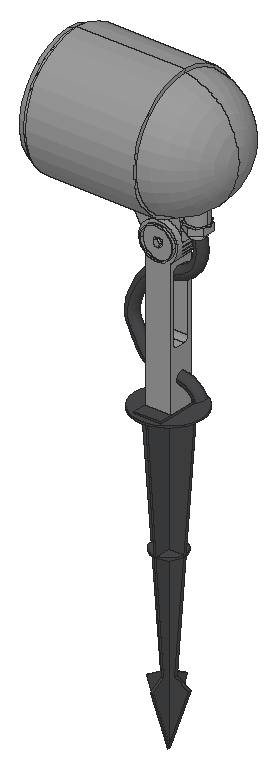
Revit family "LED LANDSCAPE 05_LKG0536WW.6", category Luminarias, Revit 2019
Family settings
  Cota de conector redondo = Diámetro de uso
  Tipo de pieza = Normal
  Se basa en plano de trabajo = Sí
  Siempre vertical = No
  Corte con vacíos al cargar = No
  Origen de luz = Sí
  Compartido = No
  Punto de cálculo de habitación = No
Parameters (values of type "LED LANDSCAPE 05_LKG0536WW.6")
  Ángulo de inclinación = 60.00°
  Ángulo de enfoque = 6.00°
  Ángulo de campo de foco = 6.00°
  Zone [instance] = ""
  Watt per fixture = 9.5
  Wattage = 9.5 W
  built-in parameter 1150107 = 3000 (stored number, unit not read)
  built-in parameter 1150110 = 1 (stored number, unit not read)
  built-in parameter 1150109 = 1 (stored number, unit not read)
  built-in parameter 1150112 = 1 (stored number, unit not read)
  built-in parameter 1150113 = 1 (stored number, unit not read)
  built-in parameter 1114218 = 1 (stored number, unit not read)
  Keynote = ""
  built-in parameter 1150137 = (empty or 0)
  built-in parameter 1150132 = (empty or 0)
  Modelo = "LKG0536WW.6"
  Lámpara = "OSRAM"
  Longitud de símbolo de origen de luz = 500 mm
  Longitud [instance] = 1000 mm
  built-in parameter 1150105 = 87859.2 (stored number, unit not read)
  built-in parameter 1150102 = (empty or 0)
  built-in parameter 1150106 = 878.59 (stored number, unit not read)
  Lumens = 545.775 lm
  Color Filter = 16777215
  built-in parameter 1114217 = 1 (stored number, unit not read)
  built-in parameter 1150139 = (empty or 0)
  Fabricante = "BRILLANT"
  Default Elevation = 0 mm
  built-in parameter 1150104 = 5.3373 (stored number, unit not read)
  Descripción = "LUMINARIA DE JARDIN CON ESTACA, CUERPO DE ALUMINIO FUNDIDO A PRESION CUBIERTO CON POLVO GRIS OSCURO Y VIDRIO TEMPLADO DE 4MM CON UN PESO DE 1.8KG, USO PARA INTERIORES Y EXTERIORES IP 66, IK 05, 5 LED TIPO OSRAM CON UNA POTENCIA DE 9.5W, IRC 80, 586 LUMENES, TEMPERATURA EN BLANCO CALIDO 3000K, EFICIENCIA DE 57.45 LM/W, APERTURA DE 6 GRADOS POR PROYECTO, DIMMEABLE OPCIONAL EN TRIAC, CABLE DE 2.0M H05RN-F, CORRIENTE DE OPERACIÓN 80mA, ALIMENTADO A 100-277V."
  built-in parameter 1150115 = 1 (stored number, unit not read)
  built-in parameter 1150114 = 1 (stored number, unit not read)
  Comentarios de vataje = "100-277V"
  built-in parameter 1150138 = (empty or 0)
  built-in parameter 1150134 = (empty or 0)
  Circuit [instance] = ""
  Dimming Lamp Color Temperature Shift = (empty or 0)
  built-in parameter 1150133 = 10 (stored number, unit not read)
Reference planes
  plane 1 "Centro (Frontal/Posterior)": y = 0
  plane 2: z = 0
  plane 3 "Centro (Izquierda/Derecha)": x = 0
  plane 4: z = -240
  plane 5: z = 240
Forms (mm)
  Extrusion 1, solid, material "Plastico"
    sketch origin (0, 0.339, 0) x (1, 0, 0) y (0, 0, -1)
      loop
        line (21, 1.177) -> (5.711, 188.038) -> (16.715, 194.391) -> (0, 240) -> (-16.715, 194.391) -> (-5.711, 188.038) -> (-21, 1.177) -> (21, 1.177)
    from -1.116 to 0.438
  Extrusion 2, solid, material "Plastico"
    sketch origin (0, 0, 0) x (1, 0, 0) y (0, 1, 0)
      loop
        circle (0, 0) r 26.151
    from -1.177 to 0
  Extrusion 3, solid, material "Plastico"
    sketch origin (-0.339, 0, 0) x (0, 1, 0) y (0, 0, -1)
      loop
        line (21, 1.177) -> (5.711, 188.038) -> (16.715, 194.391) -> (0, 240) -> (-16.715, 194.391) -> (-5.711, 188.038) -> (-21, 1.177) -> (21, 1.177)
    from -1.116 to 0.438
  Extrusion 4, solid, material "Plastico"
    sketch origin (0, 0, 0) x (1, 0, 0) y (0, 1, 0)
      loop
        line (-10.42, 21) -> (-10.42, -21) -> (10.704, -21) -> (10.704, 21) -> (-10.42, 21)
    from 0 to 1.1
  Revolve 5, solid, material "Aluminio"
    sketch origin (26.495, 0, 189.625) x (0, 0, 1) y (-1, 0, 0)
      loop
        line (41.179, 105) -> (41.179, 89.473) -> (0, 89.473) -> (0, 13.75) -> (50.375, 13.75) -> (50.375, 98.06) -> (48.766, 98.06) -> (48.766, 100.696) -> (47.199, 105) -> (41.179, 105)
      axis (0, 13.75) -> (0, 105)
    angle from 0 to 360
  Extrusion 6, solid, material "Cristal"
    sketch origin (24.915, 0, 231.553) x (0, 0, -1) y (0, -1, 0)
      loop
        circle (41.928, 0) r 41.179
    from 100.969 to 102.391
  Extrusion 7, solid, material "Aluminio"
    sketch origin (0, 12.96, 0) x (1, 0, 0) y (0, 0, -1)
      loop
        arc (-9.529, -106.898) -> (0, -133.96) -> (9.529, -106.898) r 15.208
        line (9.529, -106.898) -> (9.529, 0.046) -> (-9.529, 0.046) -> (-9.529, -106.898)
      loop
        circle (0, -118.751) r 3.742
    from -22.82 to -2.96
  Extrusion 8, solid, material "Plastico"
    sketch origin (0, 0, 0) x (1, 0, 0) y (0, 1, 0)
      loop
        circle (0, 0) r 12.9
    from -101.453 to -99.897
  Extrusion 9, solid, material "Aluminio"
    sketch origin (-34.084, 0, 0) x (1, 0, 0) y (0, 1, 0)
      loop
        circle (34.084, 0) r 2.773
      loop
        line (32.325, -1.016) -> (34.084, -2.031) -> (35.843, -1.016) -> (35.843, 1.016) -> (34.084, 2.031) -> (32.325, 1.016) -> (32.325, -1.016)
    from 1.1 to 2.206
  Sweep 10, solid, material "Plastico"
    path origin (-0.312, 0, 2.969) x (1, 0, 0) y (0, 0, 1)
      loop
        spline (20.345, 140.016) -> (25.143, 109.598) -> (16.531, 96.691) -> (4.285, 91.642) -> (-7.043, 89.048) -> (-17.102, 81.906) -> (-25.394, 66.88) -> (-28.171, 52.849) -> (-24.96, 43.683) -> (-20.165, 33.842) -> (-11.722, 24.382) -> (7.059, 21.117) -> (25.195, 9.566)
    profile origin (-25.706, 0, 69.849) x (0.934331, 0, -0.356407) y (0, -1, 0)
      loop
        circle (0, 0) r 4.5
  Revolve 11, solid, material "Aluminio"
    sketch origin (-25, 0, 123.619) x (1, 0, 0) y (0, 0, 1)
      loop
        line (37.745, 114.253) -> (37.745, 66.006) -> (80.495, 66.006)
        arc (80.495, 66.006) -> (68.27, 98.237) -> (37.745, 114.253) r 48.6
      axis (37.745, 66.006) -> (80.495, 66.006)
    angle from 0 to 360
  Extrusion 12, void
    sketch origin (-13.819, 0, 19.982) x (0, 0, 1) y (0, -1, 0)
      loop
        arc (82.47, 3.827) -> (81.345, 6.544) -> (78.628, 7.669) r 3.842
        line (78.628, 7.669) -> (29.512, 7.669)
        arc (29.512, 7.669) -> (26.796, 6.544) -> (25.67, 3.827) r 3.842
        line (25.67, 3.827) -> (25.67, -3.489)
        arc (25.67, -3.489) -> (26.796, -6.206) -> (29.512, -7.331) r 3.842
        line (29.512, -7.331) -> (78.628, -7.331)
        arc (78.628, -7.331) -> (81.345, -6.206) -> (82.47, -3.489) r 3.842
        line (82.47, -3.489) -> (82.47, 3.827)
    from 0 to 28.819
  Extrusion 13, solid, material "Aluminio"
    sketch origin (0.302, -12.138, 74.304) x (1, 0, 0) y (0, 0, -1)
      loop
        circle (-0.302, -44.493) r 12.951
      loop
        circle (-0.302, -44.493) r 2.303
      loop
        circle (-0.302, -44.493) r 12.186
    from 22.39 to 23.912
  Extrusion 14, solid, material "Aluminio"
    sketch origin (0, 0, 0) x (1, 0, 0) y (0, 0, 1)
      loop
        arc (-15.208, 118.751) -> (0, 103.543) -> (15.208, 118.751) r 15.208
        line (15.208, 118.751) -> (12.745, 139.25) -> (-27.043, 139.25) -> (-15.208, 118.751)
    from -5.02 to 5.066
  Extrusion 15, solid, material "Aluminio"
    sketch origin (-19.223, 0, 0) x (1, 0, 0) y (0, 1, 0)
      loop
        circle (42.258, 0) r 8
    from 137.682 to 151.822
  Extrusion 16, solid, material "Aluminio"
    sketch origin (0, 0, 0) x (1, 0, 0) y (0, 1, 0)
      loop
        line (18.05, 8.634) -> (13.065, 0) -> (18.05, -8.634) -> (28.019, -8.634) -> (33.004, 0) -> (28.019, 8.634) -> (18.05, 8.634)
    from 136.733 to 137.682
  Extrusion 17, solid, material "Aluminio"
    sketch origin (0, 0, 0) x (1, 0, 0) y (0, 1, 0)
      loop
        line (23.035, 9.754) -> (14.588, 4.877) -> (14.588, -4.877) -> (23.035, -9.754) -> (31.482, -4.877) -> (31.482, 4.877) -> (23.035, 9.754)
    from 131.394 to 136.733
  Revolve 18, solid
    sketch origin (0, 0, 0) x (1, 0, 0) y (0, 0, 1)
      loop
        arc (23.035, 124.385) -> (27.991, 126.438) -> (30.043, 131.394) r 7.009
        line (30.043, 131.394) -> (23.035, 131.394) -> (23.035, 124.385)
      axis (23.035, 131.394) -> (23.035, 124.385)
    angle from 0 to 360
  Revolve 19, solid
    sketch origin (9.15, 0.32, 84.63) x (0, 0, 1) y (1, 0, 0)
      loop
        spline (105.714, -77.128) -> (106.844, -77.085) -> (107.955, -76.958) -> (109.027, -76.748) -> (110.043, -76.458) -> (110.984, -76.095) -> (111.835, -75.664) -> (112.582, -75.172) -> (113.211, -74.628) -> (113.712, -74.042) -> (114.076, -73.422) -> (114.297, -72.781) -> (114.371, -72.128)
        line (114.371, -72.128) -> (105.714, -72.128) -> (105.714, -77.128)
      axis (105.714, -72.128) -> (105.714, -77.128)
    angle from 0 to 360
  Revolve 20, solid
    sketch origin (9.15, 0.32, 112.13) x (0, 0, 1) y (1, 0, 0)
      loop
        spline (105.714, -77.128) -> (106.844, -77.085) -> (107.955, -76.958) -> (109.027, -76.748) -> (110.043, -76.458) -> (110.984, -76.095) -> (111.835, -75.664) -> (112.582, -75.172) -> (113.211, -74.628) -> (113.712, -74.042) -> (114.076, -73.422) -> (114.297, -72.781) -> (114.371, -72.128)
        line (114.371, -72.128) -> (105.714, -72.128) -> (105.714, -77.128)
      axis (105.714, -72.128) -> (105.714, -77.128)
    angle from 0 to 360
  Revolve 21, solid
    sketch origin (9.15, -16.019, 59.47) x (0, 0, 1) y (1, 0, 0)
      loop
        spline (105.714, -77.128) -> (106.844, -77.085) -> (107.955, -76.958) -> (109.027, -76.748) -> (110.043, -76.458) -> (110.984, -76.095) -> (111.835, -75.664) -> (112.582, -75.172) -> (113.211, -74.628) -> (113.712, -74.042) -> (114.076, -73.422) -> (114.297, -72.781) -> (114.371, -72.128)
        line (114.371, -72.128) -> (105.714, -72.128) -> (105.714, -77.128)
      axis (105.714, -72.128) -> (105.714, -77.128)
    angle from 0 to 360
  Revolve 22, solid
    sketch origin (9.15, 16.019, 59.47) x (0, 0, 1) y (-1, 0, 0)
      loop
        line (105.714, 77.128) -> (105.714, 72.128) -> (114.371, 72.128)
        spline (114.371, 72.128) -> (114.297, 72.781) -> (114.076, 73.422) -> (113.712, 74.042) -> (113.211, 74.628) -> (112.582, 75.172) -> (111.835, 75.664) -> (110.984, 76.095) -> (110.043, 76.458) -> (109.027, 76.748) -> (107.955, 76.958) -> (106.844, 77.085) -> (105.714, 77.128)
      axis (105.714, 72.128) -> (105.714, 77.128)
    angle from 0 to 360
  Revolve 23, solid
    sketch origin (9.15, -25.866, 93.542) x (0, 0, 1) y (1, 0, 0)
      loop
        spline (105.714, -77.128) -> (106.844, -77.085) -> (107.955, -76.958) -> (109.027, -76.748) -> (110.043, -76.458) -> (110.984, -76.095) -> (111.835, -75.664) -> (112.582, -75.172) -> (113.211, -74.628) -> (113.712, -74.042) -> (114.076, -73.422) -> (114.297, -72.781) -> (114.371, -72.128)
        line (114.371, -72.128) -> (105.714, -72.128) -> (105.714, -77.128)
      axis (105.714, -72.128) -> (105.714, -77.128)
    angle from 0 to 360
  Revolve 24, solid
    sketch origin (9.15, 25.866, 93.542) x (0, 0, 1) y (-1, 0, 0)
      loop
        line (105.714, 77.128) -> (105.714, 72.128) -> (114.371, 72.128)
        spline (114.371, 72.128) -> (114.297, 72.781) -> (114.076, 73.422) -> (113.712, 74.042) -> (113.211, 74.628) -> (112.582, 75.172) -> (111.835, 75.664) -> (110.984, 76.095) -> (110.043, 76.458) -> (109.027, 76.748) -> (107.955, 76.958) -> (106.844, 77.085) -> (105.714, 77.128)
      axis (105.714, 72.128) -> (105.714, 77.128)
    angle from 0 to 360
  Extrusion 25, void
    sketch origin (-137.556, -15.918, -43.214) x (0, 0, 1) y (0, -1, 0)
      loop
        circle (265.623, -45.641) r 1.924
      loop
        circle (265.623, 13.804) r 1.924
      loop
        circle (200.243, -45.641) r 1.924
      loop
        circle (200.243, 13.804) r 1.924
    from 56.713 to 66.501
  Extrusion 26, solid, material "Aluminio"
    sketch origin (0.302, 12.138, 74.304) x (1, 0, 0) y (0, 0, 1)
      loop
        circle (-0.302, 44.493) r 12.951
      loop
        circle (-0.302, 44.493) r 2.303
      loop
        circle (-0.302, 44.493) r 12.186
    from 22.39 to 23.912
Cuts and joins
  Extrusion 12 cuts Extrusion 7
  Extrusion 25 cuts Revolve 5
Dimensions and locks
  plane 2 to plane 4 = 240 mm
  Revolve 5 sketch curve to Revolve 5 sketch curve = 50.375 mm
  plane 5 to level = 240 mm
  plane 5 to plane 4 = 480 mm
  aligned and locked: level to plane 2
  aligned and locked: Extrusion 2 to Extrusion 1 sketch curve
Connectors
  electrical at (24.882, 0, 12.535)
    settings: on Sweep 10, index 1, voltage 277 V, apparent load 0 VA, apparent load phase1 0 VA, apparent load phase2 0 VA, apparent load phase3 0 VA, power factor 1, load classification "Otro", number of poles 1, system type 31, power factor state 1, is connector primary yes, connector utility no, sub classification motor no, connector description ""
